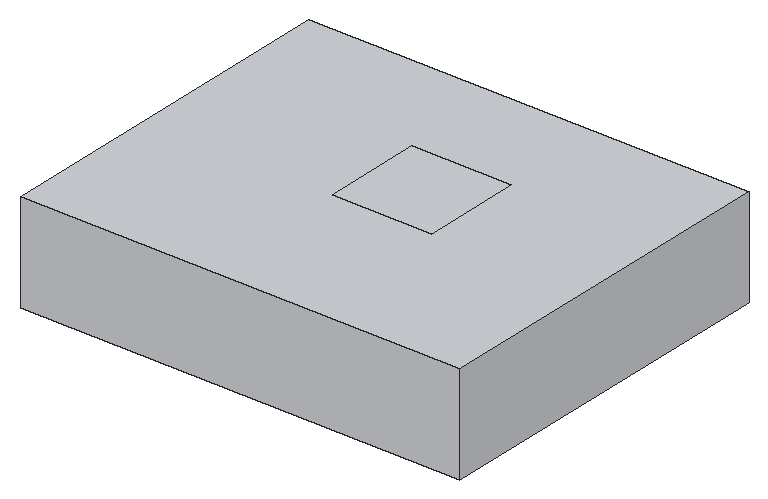
Revit family "M_Difusor de fornecimento - Pescoço redondo com face retangular - Hospedado", category Terminais de ar, Revit 2019
Family settings
  Hospedeiro = Face
  Cota do conector redondo = Usar raio
  Tipo de parte = Normal
  Número OmniClass = 23.75.70.21.27.11
  Título OmniClass = Diffusers, Registers, and Grilles
  ID de item do Seek = Supply Diffuser - Rectangular Face Round Neck - Hosted-0000-CAN-ENU
  Corte com vazios quando carregada = Não
  Compartilhado = Não
  Ponto de cálculo do ambiente = Não
Parameters (values of type "305 mmx305 mm Face de pescoço de 150 mm - Hospedado")
  Largura 1 = Largura do difusor 1 * 0.65  # 198.25 mm
  SetaAcima [instance] = yes
  SetaDireita [instance] = yes
  SetaEsquerda [instance] = yes
  Raio do duto = 75 mm
  Diâmetro do duto = 2 * Raio do duto  # 150 mm
  SetaparaBaixo [instance] = yes
  Largura do difusor 2 = 152 mm
  Largura do difusor 1 = 305 mm
  Queda de pressão [instance] = 21.0 Pa
  Comprimento 1 = Largura do difusor 2 / 2  # 76 mm
  Comprimento = Largura do difusor 1 - 50.8 mm  # 254.2 mm
  Fluxo [instance] = 236.0 L/s
  Elevação-padrão = 1200 mm
  Material do terminal de ar = none
Types (9, lengths in mm): name | Largura 1 | Raio do duto | Diâmetro do duto | Largura do difusor 2 | Largura do difusor 1 | Comprimento 1 | Comprimento
  (no name) | 198.25 | 75 | 150 | 152 | 305 | 76 | 254.2
  305 mmx305 mm Face de pescoço de 150 mm - Hospedado | 198.25 | 75 | 150 | 152 | 305 | 76 | 254.2
  305 mmx305 mm Face de pescoço de 200 mm - Hospedado | 198.25 | 100 | 200 | 229 | 305 | 114.5 | 254.2
  610 mmx610 mm Face de pescoço de 250 mm - Hospedado | 396.5 | 125 | 250 | 305 | 610 | 152.5 | 559.2
  610 mmx610 mm Face de pescoço de 300 mm - Hospedado | 396.5 | 150 | 300 | 305 | 610 | 152.5 | 559.2
  610 mmx610 mm Face de pescoço de 350 mm - Hospedado | 396.5 | 175 | 350 | 381 | 610 | 190.5 | 559.2
  610 mmx610 mm Face de pescoço de 400 mm - Hospedado | 396.5 | 200 | 400 | 457 | 610 | 228.5 | 559.2
  610 mmx610 mm Face de pescoço de 150 mm - Hospedado | 396.5 | 75 | 150 | 152 | 610 | 76 | 559.2
  610 mmx610 mm Face de pescoço de 200 mm - Hospedado | 396.5 | 100 | 200 | 229 | 610 | 114.5 | 559.2
Reference planes
  plane 1 "Centro (Frente/Trás)": y = 0
  plane 2: z = 0
  plane 3 "Centro (Esquerda/Direita)": x = 0
  plane 4: x = 76
  plane 5: x = -76
  plane 6: y = 76
  plane 7: y = -76
  plane 8: x = -152.5
  plane 9: x = 152.5
  plane 10: y = 152.5
  plane 11: y = -152.5
  plane 12: z = -28.575
  plane 13: z = -53.975
  plane 14: x = 533.5
  plane 15: x = -533.5
  plane 16: y = 533.5
  plane 17: y = -533.5
  plane 18: y = 787.7
  plane 19: y = -787.7
  plane 20: x = 787.7
  plane 21: x = -787.7
Forms (mm)
  Extrusion 1, solid
    sketch origin (0, 0, 0) x (1, 0, 0) y (0, 1, 0)
      loop
        line (-730.682, 479.909) -> (-730.682, -628) -> (618.282, -628) -> (618.282, 479.909) -> (-730.682, 479.909)
    from 0 to -304.8
  Blend 2, solid, material <- "Material do terminal de ar"
    base sketch origin (0, 0, 0) x (1, 0, 0) y (0, 1, 0)
      loop
        line (-152.5, 152.5) -> (-152.5, -152.5) -> (152.5, -152.5) -> (152.5, 152.5) -> (-152.5, 152.5)
    top sketch origin (0, 0, 0) x (1, 0, 0) y (0, 1, 0)
      loop
        line (-76, 76) -> (-76, -76) -> (76, -76) -> (76, 76) -> (-76, 76)
    from 0 to -28.575
  Extrusion 3, solid, material <- "Material do terminal de ar"
    sketch origin (0, 0, 0) x (1, 0, 0) y (0, 1, 0)
      loop
        circle (0, 0) r 75
    from -28.575 to -53.975
Cuts and joins
  joined: Blend 2, Extrusion 3
Lines and regions (mm)
  symbolic lines
    curve 1: line (-152.5, 152.5, 0) -> (152.5, -152.5, 0)
    curve 2: line (152.5, 152.5, 0) -> (-152.5, -152.5, 0)
Dimensions and locks
  equal spacing: plane 8, plane 3 "Centro (Esquerda/Direita)", plane 9
  equal spacing: plane 11, plane 1 "Centro (Frente/Trás)", plane 10
  "Largura do difusor 1": plane 11 to plane 10
  "Largura do difusor 1": plane 8 to plane 9
  locked: plane 2 to plane 12 at 28.575
  locked: plane 12 to plane 13 at 25.4
  locked: plane 9 to plane 14 at 381
  locked: plane 15 to plane 8 at 381
  locked: plane 16 to plane 10 at 381
  locked: plane 17 to plane 11 at 381
  "Comprimento": plane 21 to plane 15
  "Comprimento": plane 14 to plane 20
  "Comprimento": plane 18 to plane 16
  "Comprimento": plane 19 to plane 17
  "Comprimento 1": plane 5 to plane 3 "Centro (Esquerda/Direita)"
  "Comprimento 1": plane 3 "Centro (Esquerda/Direita)" to plane 4
  "Comprimento 1": plane 6 to plane 1 "Centro (Frente/Trás)"
  "Comprimento 1": plane 7 to plane 1 "Centro (Frente/Trás)"
  "Largura 1": nested 1 to plane 3 "Centro (Esquerda/Direita)"
  "Largura 1": nested 2 to plane 1 "Centro (Frente/Trás)"
  "Largura 1": plane 3 "Centro (Esquerda/Direita)" to nested 3
  "Largura 1": nested 4 to plane 1 "Centro (Frente/Trás)"
  "Raio do duto": radius of Extrusion 3 sketch curve
  aligned and locked: plane 2 to Extrusion 1
  aligned and locked: level to Extrusion 1
  aligned and locked: plane 8 to Blend 2 sketch curve
  aligned and locked: Blend 2 sketch curve to plane 10
  aligned and locked: plane 11 to Blend 2 sketch curve
  aligned and locked: Blend 2 sketch curve to plane 9
  aligned and locked: plane 5 to Blend 2 sketch curve
  aligned and locked: Blend 2 sketch curve to plane 6
  aligned and locked: plane 7 to Blend 2 sketch curve
  aligned and locked: Blend 2 sketch curve to plane 4
  aligned and locked: plane 3 "Centro (Esquerda/Direita)" to Extrusion 3 sketch curve
  aligned and locked: plane 1 "Centro (Frente/Trás)" to Extrusion 3 sketch curve
  aligned and locked: Blend 2 to plane 2
  aligned and locked: Blend 2 to plane 12
  aligned and locked: Blend 2 to Extrusion 3
  aligned and locked: plane 13 to Extrusion 3
  aligned and locked: nested 1 to plane 1 "Centro (Frente/Trás)"
  aligned and locked: plane 1 "Centro (Frente/Trás)" to nested 3
  aligned and locked: nested 4 to plane 3 "Centro (Esquerda/Direita)"
  aligned and locked: plane 3 "Centro (Esquerda/Direita)" to nested 2
Automatic sketch dimensions
  curve 1 to plane 8 = 0 mm
  curve 2 to plane 8 = 0 mm
  curve 1 to plane 9 = 0 mm
  curve 2 to plane 9 = 0 mm
  curve 1 to plane 11 = 0 mm
  curve 2 to plane 11 = 0 mm
  curve 2 to plane 10 = 0 mm
  curve 1 to plane 10 = 0 mm
  Extrusion 1 sketch curve to Extrusion 1 sketch curve = 1348.964 mm
  Extrusion 1 sketch curve to Extrusion 1 sketch curve = 1107.908 mm
Nested families
  nested 1: "M_Seta do terminal do duto" at (-198.25, 0, 0) x (-1, 0, 0) z (0, 0, 1), visible <- "SetaEsquerda", type "Seta do terminal do duto"
  nested 2: "M_Seta do terminal do duto" at (0, 198.25, 0) x (0, 1, 0) z (0, 0, 1), visible <- "SetaparaBaixo", type "Seta do terminal do duto"
  nested 3: "M_Seta do terminal do duto" at (198.25, 0, 0), visible <- "SetaDireita", type "Seta do terminal do duto"
  nested 4: "M_Seta do terminal do duto" at (0, -198.25, 0) x (0, -1, 0) z (0, 0, 1), visible <- "SetaAcima", type "Seta do terminal do duto"
Connectors
  hvac at (0, 0, -53.975), driven by "Fluxo", driven by "Raio do duto", driven by "Queda de pressão"
    settings: on Extrusion 3, index 1, duct flow 236.0 L/s, flow factor 0, pres drop 21.0 Pa, loss coef 0, conn angle 0.00°, conn width 304.8 mm, conn height 304.8 mm, conn diameter 150 mm, duct sys type 1, conn prof type 0, flow config 1, flow direction 1, loss method 4, conn ref index -1, conn util no, is conn primary yes, conn desc ""
Definition of nested family "M_Seta do terminal do duto"
  Parameters
    Largura = (Comprimento / 2) / cos(15.00°)  # 25.882 mm
    Comprimento = 50 mm
  Reference planes
    plane 1 "Centro (Frente/Trás)": y = 0
    plane 2: z = 0
    plane 3 "Centro (Esquerda/Direita)": x = 0
  Lines and regions (mm)
    Filled region 1, type "Bloco de concreto", in view "Nível de referência"
      outline origin (0, 0, 0) x (1, 0, 0) y (0, 1, 0)
        loop
          line (25, 6.699) -> (25, -6.699) -> (50, 0) -> (25, 6.699)
    detail lines, in view "Nível de referência"
      curve 1: line (0, 0, 0) -> (50, 0, 0)
      curve 2: line (50, 0, 0) -> (25, 6.699, 0)
      curve 3: line (50, 0, 0) -> (25, -6.699, 0)
      curve 4: line (25, 6.699, 0) -> (25, -6.699, 0)
  Dimensions and locks
    "Comprimento": curve 1 to curve 1
    "Largura": curve 2 to curve 2
    "Largura": curve 3 to curve 3
    locked: curve 2 to curve 1 (angle 15.00°)
    locked: curve 1 to curve 3 (angle 15.00°)
    aligned and locked: plane 3 "Centro (Esquerda/Direita)" to curve 1
    aligned and locked: plane 1 "Centro (Frente/Trás)" to curve 1
    aligned and locked: Filled region 1 sketch curve to curve 4
    aligned and locked: Filled region 1 sketch curve to curve 2
    aligned and locked: Filled region 1 sketch curve to curve 3
